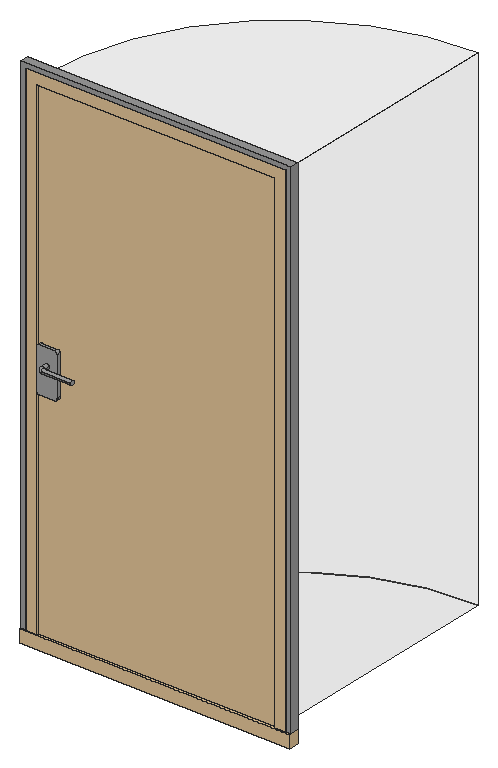
Revit family "AVLN_Дверь_Однопольная_деревянная", category Двери, Revit 2021
Family settings
  Основа = Стена
  Номер OmniClass = 23.30.10.00
  Заголовок OmniClass = Doors
  Всегда вертикально = Да
  При загрузке вырезать с полостями = Нет
  Общий = Нет
  Точка принадлежности помещению = Нет
Parameters (values of type "1100х2070(h)_П_ПУИ")
  Ширина полотна [instance] = Width - Монтажный зазор * 2 - Коробка толщина * 2  # 990 mm
  Тонкая линия проема = yes
  Толщина = 30 mm  # constant formula
  Тип конструкций = "Дверь деревянная"
  Стекло.Толщина = 15 mm
  Стекло.Отступ.Снизу = 1200 mm
  Стекло.Отступ.Слева/Справа = 100 mm
  Стекло.Отступ.Сверху = 100 mm
  Стекло = not([Глухая/Остекленная])  # no
  С1 [instance] = if(Смещение проема = 0 mm, 10 mm, 0 mm)  # 0 mm
  Порог_наружный_смещение [instance] = 17.5 mm
  Порог_внутренний_смещение [instance] = 42.5 mm
  Порог_внутренний [instance] = yes
  Порог [instance] = yes
  Определить тепловые свойства по = Тип схем
  Описание = "Дверь деревянная глухая межкомнатаная"
  Смещение проема [instance] = 50 mm
  Смещение внутрь = 0 mm
  Ручка смещение = 60 mm  # constant formula
  Ручка высота = 1000 mm  # constant formula
  Рабочая зона = no
  Rough Width = Width - Монтажный зазор * 2  # 1060 mm
  Rough Height = Height - Монтажный зазор  # 2050 mm
  Правая = no
  Окрывание 30° = yes
  Монтажный зазор = 20 mm  # constant formula
  Матиал_Коробка = ADSK_Древесина_Береза мореная
  Материал_Рабочая зона = none
  Материал_Полотно = ADSK_Древесина_Береза мореная
  Материал_Монтажный зазор = Монтажный зазор
  Материал_Стекло = Остекление
  Материал_Дверной ручки = По умолчанию
  Левая = not(Правая)  # yes
  Коробка.Доп.Ширина = 10 mm  # constant formula
  Коробка толщина = 35 mm  # constant formula
  Комментарии к типоразмеру = "Двери внутренние"
  Заполнение под проемом_Видимость [instance] = if(Смещение проема = 0 mm, 1 = 0, 1 = 1)  # yes
  Функция = Внутренние слои
  Model = ""
  Глухая = [Глухая/Остекленная]  # yes
  Глухая/Остекленная = yes
  Height = 2070 mm
  Замыкание стены = По основе
  Width = 1100 mm
  Аналитическая конструкция = "<Нет>"
  АВЛН_Проем_Ширина [instance] = Width  # 1100 mm
  АВЛН_Проем_Высота [instance] = Height + Смещение проема  # 2120 mm
  ADSK_Примечание [instance] = ""
  ADSK_Позиция [instance] = ""
  ADSK_Обозначение = "ГОСТ 475-2016"
  ADSK_Наименование = "ГОСТ 475-2016"
  ADSK_Масса = 0
  ADSK_Марка [instance] = ""
  ADSK_Количество [instance] = 0
  ADSK_Единица измерения [instance] = ""
  1 = Монтажный зазор * 2 + 70 mm  # 110 mm
Types (3, lengths in mm): name | Правая | Левая | Комментарии к типоразмеру | Model | ADSK_Обозначение
  1100х2070(h)_П_ПУИ | no | yes | "Двери внутренние" | "" | "ГОСТ 475-2016"
  1100х2070(h)_П | yes | no | "Дверь с/у БКТ" | "Дверь" | "ДМ 1 Рл Г ПрБ Мд1"
  1100х2070(h)_Л | no | yes | "Дверь с/у БКТ" | "Дверь" | "ДМ 1 Рл Г ПрБ Мд1"
Reference planes
  plane 1: y = 0
  plane 2 "По центру (Влево/Вправо)": x = 0
  plane 3 "Слева": x = -550
  plane 4 "Справа": x = 550
  plane 5: z = 2070
  plane 6 "Наружный": y = 150
  plane 7 "Внутренние": y = -150
  plane 8: z = -50
  plane 9: x = -530
  plane 10: x = 530
  plane 11: x = 495
  plane 12: x = -495
  plane 13: z = 2050
  plane 14: z = 2015
  plane 15 "Полотно_Н": y = 150
  plane 16 "Полотно_В": y = 120
  plane 17: z = -100
  plane 18: x = -435
  plane 19: x = 435
  plane 20: z = 1000
  plane 21: z = 1035
  plane 22 "Короб_В": y = 115
  plane 23: x = -485
  plane 24: x = 485
  plane 25: z = 2005
  plane 26: y = 1250
  plane 27: x = 395
  plane 28: z = 1915
  plane 29: x = -395
  plane 30: z = 1200
  plane 31: y = 135
  plane 32: y = 142.5
  plane 33: y = 127.5
  plane 34: y = 167.5
  plane 35: y = -192.5
  plane 36: z = -50
  plane 37: y = 1140
Forms (mm)
  Extrusion 1, solid, material "ADSK_Древесина_Береза мореная" <- "Материал_Полотно", visible <- "Стекло", detail levels fine
    sketch origin (0, 150, 0) x (1, 0, 0) y (0, 0, 1)
      loop
        line (495, 2015) -> (-495, 2015) -> (-495, 0) -> (495, 0) -> (495, 2015)
      loop
        line (395, 1915) -> (-395, 1915) -> (-395, 1200) -> (395, 1200) -> (395, 1915)
    from 0 to 30
  Extrusion 2, solid, material "ADSK_Древесина_Береза мореная" <- "Матиал_Коробка", visible <- "Заполнение под проемом_Видимость", detail levels fine
    sketch origin (0, 150, 0) x (1, 0, 0) y (0, 0, 1)
      loop
        line (550, 0) -> (-550, 0) -> (-550, -50) -> (550, -50) -> (550, 0)
    from 0 to 40
  Extrusion 3, solid, material "Монтажный зазор" <- "Материал_Монтажный зазор"
    sketch origin (0, -150, 0) x (1, 0, 0) y (0, 0, 1)
      loop
        line (-550, 0) -> (-530, 0) -> (-530, 2050) -> (530, 2050) -> (530, 0) -> (550, 0) -> (550, 2070) -> (-550, 2070) -> (-550, 0)
    from -300 to -265
  Sweep 4, solid, material "ADSK_Древесина_Береза мореная" <- "Матиал_Коробка"
    path origin (0, 150, 0) x (-1, 0, 0) y (0, 0, 1)
      loop
        line (495, 0) -> (495, 2015) -> (-495, 2015) -> (-495, 0)
    profile origin (-495, 150, 1007.5) x (0, 1, 0) y (-1, 0, 0)
      loop
        line (0, 35) -> (-35, 35) -> (-35, -10) -> (-30, -10) -> (-30, 0) -> (0, 0) -> (0, 35)
  Extrusion 5, void
    sketch origin (0, 0, 0) x (1, 0, 0) y (0, 1, 0)
      loop
        line (-550, 1250) -> (-550, 150) -> (550, 150) -> (550, 1250) -> (-550, 1250)
    from 0 to 2070
  Extrusion 6, solid, material "Остекление" <- "Материал_Стекло", visible <- "Стекло", detail levels fine
    sketch origin (0, 150, 0) x (1, 0, 0) y (0, 0, 1)
      loop
        line (395, 1915) -> (-395, 1915) -> (-395, 1200) -> (395, 1200) -> (395, 1915)
    from 7.5 to 22.5
  Extrusion 7, solid, material "ADSK_Древесина_Береза мореная" <- "Материал_Полотно", visible <- "Глухая"
    sketch origin (0, 150, 0) x (1, 0, 0) y (0, 0, 1)
      loop
        line (495, 2015) -> (-495, 2015) -> (-495, 0) -> (495, 0) -> (495, 2015)
    from 0 to 30
  Extrusion 8, solid, material "Зоны открывания", visible <- "Правая"
    sketch origin (1411.722, 564.195, 0) x (1, 0, 0) y (0, 1, 0)
      loop
        line (-1906.722, -414.195) -> (-916.722, -414.195)
        arc (-916.722, -414.195) -> (-1206.686, 285.841) -> (-1906.722, 575.805) r 990
        line (-1906.722, 575.805) -> (-1906.722, -414.195)
    from 0 to 2015
  Extrusion 9, solid, material "Зоны открывания", visible <- "Левая"
    sketch origin (-1411.722, 564.195, 0) x (-1, 0, 0) y (0, -1, 0)
      loop
        line (-1906.722, 414.195) -> (-1906.722, -575.805)
        arc (-1906.722, -575.805) -> (-1206.686, -285.841) -> (-916.722, 414.195) r 990
        line (-916.722, 414.195) -> (-1906.722, 414.195)
    from 0 to 2015
Lines and regions (mm)
  Opening 1
    outline origin (-3050, -150, 0) x (1, 0, 0) y (0, 0, 1)
      loop
        line (2500, -50) -> (3600, -50) -> (3600, 2070) -> (2500, 2070) -> (2500, -50)
  Masking region 1, visible <- "Тонкая линия проема"
    outline origin (95, 0, 0) x (1, 0, 0) y (0, 1, 0)
      loop
        line (-623.555, 160) -> (-645, 150) -> (-645, -150) -> (-645, -175) -> (455, -175) -> (455, -150) -> (455, 150) -> (440.719, 160) -> (-623.555, 160)
  model lines, style "Открывание_Внутрь", visible <- "Левая"
    curve 1: line (485, 120, 2005) -> (-485, 120, 1035)
    curve 2: line (-485, 120, 1035) -> (485, 120, 0)
  model lines, style "Открывание_Внутрь", visible <- "Правая"
    curve 3: line (-485, 120, 0) -> (485, 120, 1035)
    curve 4: line (485, 120, 1035) -> (-485, 120, 2005)
  model lines, style "Открывание_Наружу", visible <- "Правая"
    curve 5: line (-495, 150, 0) -> (485, 150, 1035)
    curve 6: line (485, 150, 1035) -> (-495, 150, 2015)
  model lines, style "Открывание_Наружу", visible <- "Левая"
    curve 7: line (495, 150, 2015) -> (-485, 150, 1035)
    curve 8: line (-485, 150, 1035) -> (495, 150, 0)
  model lines, style "Рабочая зона", visible <- "Рабочая зона"
    curve 9: line (-550, 150, 0) -> (-550, 1250, 0)
    curve 10: line (-550, 1250, 0) -> (550, 1250, 0)
    curve 11: line (550, 150, 0) -> (550, 1250, 0)
  symbolic lines, style "Порог", visible <- "Порог"
    curve 12: line (-550, 167.5, 0) -> (550, 167.5, 0)
  symbolic lines, style "Порог", visible <- "Порог_внутренний"
    curve 13: line (-550, -192.5, 0) -> (550, -192.5, 0)
Text (mm)
  text "Наружный" at (-2295.016, 1099.543, 0), in view "Опорный уровень"
  text "Наружный" at (0, 1615.38, 3698.081), in view "Слева"
  text "Наружный" at (0, 1036.032, 3874.932), in view "Справа"
Dimensions and locks
  equal spacing: plane 3 "Слева", plane 2 "По центру (Влево/Вправо)", plane 4 "Справа"
  "Width": plane 3 "Слева" to plane 4 "Справа"
  host wall to plane 5 = 2534.966 mm  (x2)
  locked: plane 6 "Наружный" to host wall
  locked: plane 7 "Внутренние" to host wall
  plane 8 to level = 50 mm
  "Height": level to plane 5
  "Монтажный зазор": plane 3 "Слева" to plane 9
  "Монтажный зазор": plane 10 to plane 4 "Справа"
  "Смещение внутрь": plane 15 "Полотно_Н" to plane 6 "Наружный"
  "Толщина": plane 15 "Полотно_Н" to plane 16 "Полотно_В"
  level to plane 17 = 100 mm
  "Монтажный зазор": plane 13 to plane 5
  "Коробка толщина": plane 14 to plane 13
  "Коробка толщина": plane 12 to plane 9
  "Коробка толщина": plane 11 to plane 10
  "Смещение проема": level to plane 8
  "Ручка высота": level to plane 20
  "Ручка смещение": plane 12 to plane 18
  "Ручка смещение": plane 19 to plane 11
  equal spacing: level, plane 21, plane 5
  equal spacing: plane 7 "Внутренние", plane 1, plane 6 "Наружный"
  "Коробка толщина": plane 15 "Полотно_Н" to plane 22 "Короб_В"
  "Коробка.Доп.Ширина": plane 12 to plane 23
  "Коробка.Доп.Ширина": plane 24 to plane 11
  "Коробка.Доп.Ширина": plane 14 to plane 25
  "Width": plane 26 to plane 15 "Полотно_Н"
  "Стекло.Отступ.Слева/Справа": plane 27 to plane 11
  "Стекло.Отступ.Слева/Справа": plane 12 to plane 29
  "Стекло.Отступ.Сверху": plane 28 to plane 14
  "Стекло.Отступ.Снизу": level to plane 30
  equal spacing: plane 15 "Полотно_Н", plane 31, plane 16 "Полотно_В"
  equal spacing: plane 33, plane 31, plane 32
  "Стекло.Толщина": plane 33 to plane 32
  "Порог_внутренний_смещение": plane 35 to plane 7 "Внутренние"
  "Порог_наружный_смещение": plane 34 to plane 15 "Полотно_Н"
  "С1": plane 8 to plane 36
  "1": plane 26 to plane 37
  aligned and locked: plane 3 "Слева" to Opening 1 sketch curve
  aligned and locked: Opening 1 sketch curve to plane 4 "Справа"
  aligned and locked: plane 1 to host wall
  aligned and locked: plane 8 to Opening 1 sketch curve
  aligned and locked: Extrusion 1 to plane 16 "Полотно_В"
  aligned and locked: plane 15 "Полотно_Н" to Extrusion 1
  aligned and locked: level to Extrusion 2 sketch curve
  aligned and locked: Extrusion 2 sketch curve to plane 4 "Справа"
  aligned and locked: Extrusion 2 sketch curve to host wall
  aligned and locked: nested 1 to plane 16 "Полотно_В"
  aligned and locked: nested 2 to plane 15 "Полотно_Н"
  aligned and locked: plane 15 "Полотно_Н" to nested 4
  aligned and locked: plane 16 "Полотно_В" to nested 3
  aligned and locked: plane 5 to Opening 1 sketch curve
  aligned and locked: plane 14 to Extrusion 1 sketch curve
  aligned and locked: Extrusion 3 sketch curve to plane 4 "Справа"
  aligned and locked: Extrusion 3 sketch curve to plane 10
  aligned and locked: Extrusion 3 sketch curve to plane 5
  aligned and locked: Extrusion 3 sketch curve to plane 13
  aligned and locked: plane 3 "Слева" to Extrusion 3 sketch curve
  aligned and locked: plane 9 to Extrusion 3 sketch curve
  aligned and locked: Extrusion 3 sketch curve to level  (x2)
  aligned and locked: nested 2 to plane 20
  aligned and locked: plane 20 to nested 4
  aligned and locked: plane 20 to nested 1
  aligned and locked: nested 3 to plane 20
  aligned and locked: plane 19 to nested 4
  aligned and locked: plane 18 to nested 2
  aligned and locked: nested 3 to plane 19
  aligned and locked: nested 1 to plane 18
  aligned and locked: nested 5 to plane 4 "Справа"
  aligned and locked: nested 5 to plane 3 "Слева"
  aligned and locked: nested 5 to plane 15 "Полотно_Н"
  aligned and locked: nested 6 to plane 3 "Слева"
  aligned and locked: nested 6 to plane 4 "Справа"
  aligned and locked: plane 15 "Полотно_Н" to nested 6
  aligned and locked: Extrusion 3 to plane 22 "Короб_В"
  aligned and locked: plane 15 "Полотно_Н" to Extrusion 3
  aligned and locked: plane 11 to Sweep 4 sketch curve
  aligned and locked: plane 14 to Sweep 4 sketch curve
  aligned and locked: plane 12 to Sweep 4 sketch curve  (x2)
  aligned and locked: plane 15 "Полотно_Н" to Sweep 4 sketch curve
  aligned and locked: plane 9 to Sweep 4 sketch curve
  aligned and locked: plane 23 to Sweep 4 sketch curve
  aligned and locked: plane 22 "Короб_В" to Sweep 4 sketch curve
  aligned and locked: plane 16 "Полотно_В" to Sweep 4 sketch curve
  aligned and locked: level to Sweep 4 sketch curve  (x2)
  aligned and locked: plane 23 to curve 4
  aligned and locked: plane 25 to curve 4
  aligned and locked: plane 25 to curve 1
  aligned and locked: plane 24 to curve 1
  aligned and locked: plane 23 to curve 1
  aligned and locked: plane 21 to curve 2
  aligned and locked: plane 24 to curve 4
  aligned and locked: plane 21 to curve 3
  aligned and locked: Sweep 4 to curve 3
  aligned and locked: level to curve 3
  aligned and locked: Sweep 4 to curve 2
  aligned and locked: level to curve 2
  aligned and locked: curve 9 to plane 3 "Слева"
  aligned and locked: curve 10 to plane 26
  aligned and locked: curve 11 to plane 4 "Справа"
  aligned and locked: plane 15 "Полотно_Н" to curve 9
  aligned and locked: plane 15 "Полотно_Н" to curve 11
  aligned and locked: Extrusion 5 sketch curve to plane 26
  aligned and locked: Extrusion 5 sketch curve to plane 3 "Слева"
  aligned and locked: Extrusion 5 sketch curve to plane 15 "Полотно_Н"
  aligned and locked: Extrusion 5 sketch curve to plane 4 "Справа"
  aligned and locked: Extrusion 5 to plane 5
  aligned and locked: plane 28 to Extrusion 1 sketch curve
  aligned and locked: Extrusion 1 sketch curve to plane 27
  aligned and locked: Extrusion 1 sketch curve to plane 30
  aligned and locked: Extrusion 1 sketch curve to plane 29
  aligned and locked: plane 27 to Extrusion 6 sketch curve
  aligned and locked: plane 28 to Extrusion 6 sketch curve
  aligned and locked: Extrusion 6 sketch curve to plane 29
  aligned and locked: plane 30 to Extrusion 6 sketch curve
  aligned and locked: plane 33 to Extrusion 6
  aligned and locked: plane 32 to Extrusion 6
  aligned and locked: plane 11 to Extrusion 7 sketch curve
  aligned and locked: plane 14 to Extrusion 7 sketch curve
  aligned and locked: plane 12 to Extrusion 7 sketch curve
  aligned and locked: level to Extrusion 7 sketch curve
  aligned and locked: plane 15 "Полотно_Н" to Extrusion 7
  aligned and locked: Extrusion 7 to plane 16 "Полотно_В"
  aligned and locked: curve 6 to curve 4
  aligned and locked: curve 8 to curve 2
  aligned and locked: host wall to Masking region 1 sketch curve  (x4)
  aligned and locked: plane 4 "Справа" to Masking region 1 sketch curve
  aligned and locked: plane 4 "Справа" to curve 13
  aligned and locked: plane 4 "Справа" to curve 12
  aligned and locked: plane 3 "Слева" to curve 12
  aligned and locked: plane 3 "Слева" to curve 13
  aligned and locked: curve 13 to plane 35
  aligned and locked: curve 12 to plane 34
  aligned and locked: Extrusion 2 to plane 36
  aligned and locked: Extrusion 8 sketch curve to plane 12
  aligned and locked: Extrusion 8 sketch curve to Extrusion 2
  aligned and locked: plane 37 to Extrusion 8 sketch curve
  aligned and locked: plane 11 to Extrusion 8 sketch curve
  aligned and locked: plane 14 to Extrusion 8
  aligned and locked: Extrusion 8 to level
  aligned and locked: Extrusion 9 sketch curve to plane 11
  aligned and locked: plane 15 "Полотно_Н" to Extrusion 9 sketch curve
  aligned and locked: plane 12 to Extrusion 9 sketch curve
  aligned and locked: plane 37 to Extrusion 9 sketch curve
  aligned and locked: Extrusion 9 to Extrusion 8
  aligned and locked: Extrusion 9 to level
Automatic sketch dimensions
  plane 12 to Extrusion 1 sketch curve = 0 mm
  plane 11 to Extrusion 1 sketch curve = 0 mm
  Extrusion 1 sketch curve to level = 0 mm
  Extrusion 2 sketch curve to plane 8 = 0 mm
  plane 11 to curve 7 = 0 mm
  curve 8 to level = 0 mm
  plane 11 to curve 8 = 0 mm
  curve 6 to plane 21 = 0 mm
  curve 7 to plane 21 = 0 mm
  plane 12 to curve 6 = 0 mm
  curve 5 to level = 0 mm
  plane 12 to curve 5 = 0 mm
  curve 7 to plane 14 = 0 mm
  curve 6 to plane 14 = 0 mm
  Masking region 1 sketch curve to plane 3 "Слева" = 0 mm
  plane 9 to Masking region 1 sketch curve = 1.445 mm
  plane 10 to Masking region 1 sketch curve = 5.719 mm
  plane 35 to Masking region 1 sketch curve = 17.5 mm
  Masking region 1 sketch curve to plane 34 = 7.5 mm
Nested families
  nested 1: "Дв_Дверная ручка" at (-435, 120, -40), visible <- "Левая", type "Дв_Дверная ручка", detail levels fine
    with Высота расположения дверной ручки 1040 mm
  nested 2: "Дв_Дверная ручка" at (-435, 150, -40), visible <- "Левая", type "Дв_Дверная ручка", detail levels fine
    with Высота расположения дверной ручки 1040 mm
  nested 3: "Дв_Дверная ручка" at (435, 120, -40) x (-1, 0, 0) z (0, 0, 1), visible <- "Правая", type "Дв_Дверная ручка", detail levels fine
    with Высота расположения дверной ручки 1040 mm
  nested 4: "Дв_Дверная ручка" at (435, 150, -40) x (-1, 0, 0) z (0, 0, 1), visible <- "Правая", type "Дв_Дверная ручка", detail levels fine
    with Высота расположения дверной ручки 1040 mm
  nested 5: "АС-Однопольная-Обозначение на плане" at (0, 150, -50), Width <- "Width", Толщина <- "Толщина", Коробка.Толщина <- "Коробка толщина", Height <- "АВЛН_Проем_Высота", Полотно.Ширина <- "Ширина полотна", Rough Width <- "Rough Width", visible <- "Левая", Коробка.Ширина <- "Коробка.Доп.Ширина", type "АС-Стандарт"
    with Width 1100 mm, Толщина 30 mm, Rough Width 1060 mm, Полотно.Ширина 990 mm, Коробка.Ширина 10 mm, Коробка.Толщина 35 mm, Height 2120 mm
  nested 6: "АС-Однопольная-Обозначение на плане" at (0, 150, -50) x (-1, 0, 0) z (0, 0, 1), Width <- "Width", Толщина <- "Толщина", Коробка.Толщина <- "Коробка толщина", Height <- "АВЛН_Проем_Высота", Полотно.Ширина <- "Ширина полотна", Rough Width <- "Rough Width", visible <- "Правая", Коробка.Ширина <- "Коробка.Доп.Ширина", type "АС-Стандарт"
    with Width 1100 mm, Толщина 30 mm, Rough Width 1060 mm, Полотно.Ширина 990 mm, Коробка.Ширина 10 mm, Коробка.Толщина 35 mm, Height 2120 mm
Definition of nested family "Дв_Дверная ручка"
  Parameters (values of type "Дв_Дверная ручка")
    Материал дверной ручки = none
    Высота расположения дверной ручки [instance] = 1040 mm
    Analytic Construction = "<Нет>"
  Reference planes
    plane 1 "По центру (Вперед/Назад)": y = 0
    plane 2: z = 0
    plane 3 "По центру (Влево/Вправо)": x = 0
    plane 4: z = 1040
    plane 5: x = -41.434
    plane 6: x = 41.434
    plane 7: z = 1106.663
    plane 8: z = 926.663
    plane 9: y = -15
  Forms (mm)
    Extrusion 1, solid, material <- "Материал дверной ручки"
      sketch origin (0, 0, 0) x (1, 0, 0) y (0, 0, 1)
        loop
          arc (-31.434, 1106.663) -> (-38.505, 1103.734) -> (-41.434, 1096.663) r 10
          line (-41.434, 1096.663) -> (-41.434, 936.663)
          arc (-41.434, 936.663) -> (-38.505, 929.591) -> (-31.434, 926.663) r 10
          line (-31.434, 926.663) -> (31.434, 926.663)
          arc (31.434, 926.663) -> (38.505, 929.591) -> (41.434, 936.663) r 10
          line (41.434, 936.663) -> (41.434, 1096.663)
          arc (41.434, 1096.663) -> (38.505, 1103.734) -> (31.434, 1106.663) r 10
          line (31.434, 1106.663) -> (-31.434, 1106.663)
      from 0 to 15
    Sweep 2, solid, material <- "Материал дверной ручки"
      path origin (0, 0, 0) x (1, 0, 0) y (0, 1, 0)
        loop
          line (0, -15) -> (0, -38.261)
          arc (0, -38.261) -> (2.929, -45.332) -> (10, -48.261) r 10
          line (10, -48.261) -> (130, -48.261)
      profile origin (0, -26.63, 0) x (1, 0, 0) y (0, 0, 1)
        loop
          circle (0, 1040) r 8
  Dimensions and locks
    "Высота расположения дверной ручки": plane 4 to level
    plane 7 to plane 8 = 180 mm
    plane 6 to plane 5 = 82.868 mm
    equal spacing: plane 6, plane 3 "По центру (Влево/Вправо)", plane 5
    locked: plane 1 "По центру (Вперед/Назад)" to plane 9 at 15
    aligned and locked: level to plane 2
    aligned and locked: Extrusion 1 sketch curve to plane 7
    aligned and locked: plane 5 to Extrusion 1 sketch curve
    aligned and locked: plane 8 to Extrusion 1 sketch curve
    aligned and locked: Extrusion 1 sketch curve to plane 6
    aligned and locked: Extrusion 1 to plane 1 "По центру (Вперед/Назад)"
    aligned and locked: plane 4 to Sweep 2
  Automatic sketch dimensions
    plane 5 to Extrusion 1 sketch curve = 10 mm
    Extrusion 1 sketch curve to Extrusion 1 sketch curve = 10 mm  (x2)
    Extrusion 1 sketch curve to plane 6 = 10 mm
    Sweep 2 sketch curve to plane 3 "По центру (Влево/Вправо)" = 0 mm
    plane 9 to Sweep 2 sketch curve = 0 mm
    Sweep 2 sketch curve to Sweep 2 sketch curve = 10 mm
    Sweep 2 sketch curve to Sweep 2 sketch curve = 23.261 mm
    Sweep 2 sketch curve to Sweep 2 sketch curve = 120 mm
    profile plane to Sweep 2 sketch curve = 0 mm
    level to Sweep 2 sketch curve = 1040 mm
    radius of Sweep 2 sketch curve = 8 mm
Definition of nested family "АС-Однопольная-Обозначение на плане"
  Parameters (values of type "АС-Стандарт")
    Полотно.Ширина [instance] = 900 mm
    Открывание двери 90 = not(Открывание двери 30)  # no
    Открывание двери 30 = yes
    Линия открывания (дуга) = not(Открывание двери 30)  # no
    Коробка.Ширина [instance] = 40 mm
    Коробка.Толщина [instance] = 80 mm
    Width [instance] = 1000 mm
    Thickness [instance] = 40 mm
    Rough Width [instance] = 960 mm
    Height [instance] = 2100 mm
    Default Elevation = 0 mm
    Analytic Construction = "<Нет>"
  Reference planes
    plane 1 "Center (Front/Back)": y = 0
    plane 2: z = 0
    plane 3 "Center (Left/Right)": x = 0
    plane 4 "Полотно.Слева": x = -480
    plane 5 "Полотно справа": x = 480
    plane 6 "Проем.Слева": x = -500
    plane 7 "Проем.Справа": x = 500
    plane 8 "Полотно. Внутренняя сторона": y = -40
    plane 9 "Коробка. Внутренняя сторона": y = -80
    plane 10 "Коробка.Внутренняя сторона слева": x = -450
    plane 11 "Коробка. Внутренняя сторона справа": x = 450
    plane 12 "2": x = -410
    plane 13 "3": x = 410
  Lines and regions (mm)
    Masking region 1, detail levels fine
      outline origin (0, 0, 0) x (1, 0, 0) y (0, 1, 0)
        loop
          line (-500, -80) -> (-480, -80) -> (-480, 0) -> (-500, 0) -> (-500, -80)
    Masking region 2, detail levels fine
      outline origin (0, 0, 0) x (1, 0, 0) y (0, 1, 0)
        loop
          line (500, -80) -> (500, 0) -> (480, 0) -> (480, -80) -> (500, -80)
    Masking region 3, detail levels fine
      outline origin (0, 0, 0) x (1, 0, 0) y (0, 1, 0)
        loop
          line (-480, 0) -> (-480, -80) -> (-410, -80) -> (-410, -40) -> (-450, -40) -> (-450, 0) -> (-480, 0)
    Masking region 4, detail levels fine
      outline origin (0, 0, 0) x (1, 0, 0) y (0, 1, 0)
        loop
          line (480, 0) -> (450, 0) -> (450, -40) -> (410, -40) -> (410, -80) -> (480, -80) -> (480, 0)
    Masking region 5, visible <- "Открывание двери 90", detail levels fine
      outline origin (0, 0, 0) x (1, 0, 0) y (0, 1, 0)
        loop
          line (450, 0) -> (450, 900) -> (410, 900) -> (410, 0) -> (450, 0)
    Masking region 6, visible <- "Открывание двери 30", detail levels fine
      outline origin (0, 0, 0) x (1, 0, 0) y (0, 1, 0)
        loop
          line (450, 0) -> (-329.423, 450) -> (-349.423, 415.359) -> (430, -34.641) -> (450, 0)
    symbolic lines, visible <- "Открывание двери 30", detail levels coarse+medium
      curve 1: line (500, 0, 0) -> (-366.025, 500, 0)
    symbolic lines, visible <- "Открывание двери 90", detail levels coarse+medium
      curve 2: line (500, 0, 0) -> (500, 1000, 0)
    symbolic lines, visible <- "Линия открывания (дуга)", detail levels coarse+medium
      curve 3: arc (500, 1000, 0) -> (-207.107, 707.107, 0) -> (-500, 0, 0) r 1000
    symbolic lines, visible <- "Линия открывания (дуга)", detail levels fine
      curve 4: arc (-450, 0, 0) -> (-186.396, 636.396, 0) -> (450, 900, 0) r 900
    model lines, not visible
      curve 5: line (0, 0, 0) -> (0, 0, 2100)
  Dimensions and locks
    "Thickness": plane 1 "Center (Front/Back)" to plane 8 "Полотно. Внутренняя сторона"  (x2)
    equal spacing: plane 4 "Полотно.Слева", plane 3 "Center (Left/Right)", plane 5 "Полотно справа"
    equal spacing: plane 6 "Проем.Слева", plane 3 "Center (Left/Right)", plane 7 "Проем.Справа"
    "Width": plane 6 "Проем.Слева" to plane 7 "Проем.Справа"
    "Rough Width": plane 4 "Полотно.Слева" to plane 5 "Полотно справа"
    plane 1 "Center (Front/Back)" to plane 9 "Коробка. Внутренняя сторона" = 80 mm
    "Коробка.Толщина": plane 9 "Коробка. Внутренняя сторона" to plane 1 "Center (Front/Back)"
    equal spacing: plane 10 "Коробка.Внутренняя сторона слева", plane 3 "Center (Left/Right)", plane 11 "Коробка. Внутренняя сторона справа"
    "Полотно.Ширина": plane 10 "Коробка.Внутренняя сторона слева" to plane 11 "Коробка. Внутренняя сторона справа"
    "Width": curve 1 to curve 1
    "Width": plane 1 "Center (Front/Back)" to curve 2
    "Коробка.Ширина": plane 10 "Коробка.Внутренняя сторона слева" to Masking region 3 sketch curve
    "Коробка.Ширина": Masking region 4 sketch curve to Masking region 4 sketch curve
    "Полотно.Ширина": plane 1 "Center (Front/Back)" to Masking region 5 sketch curve
    "Thickness": Masking region 5 sketch curve to plane 11 "Коробка. Внутренняя сторона справа"
    "Полотно.Ширина": Masking region 6 sketch curve to Masking region 6 sketch curve
    "Thickness": Masking region 6 sketch curve to Masking region 6 sketch curve
    "Height": curve 5 to level
    "Thickness": Masking region 5 to plane 11 "Коробка. Внутренняя сторона справа"
    "Thickness": Masking region 6 to Masking region 6
    "Коробка.Ширина": plane 10 "Коробка.Внутренняя сторона слева" to plane 12 "2"
    "Коробка.Ширина": plane 13 "3" to plane 11 "Коробка. Внутренняя сторона справа"
    "Width": radius of curve 3
    "Полотно.Ширина": radius of curve 4
    locked: curve 1 to plane 1 "Center (Front/Back)" (angle 30.00°)
    locked: Masking region 6 sketch curve to plane 1 "Center (Front/Back)" (angle 30.00°)
    aligned and locked: level to plane 2
    aligned and locked: plane 7 "Проем.Справа" to curve 2
    aligned and locked: plane 1 "Center (Front/Back)" to curve 2
    aligned and locked: Masking region 1 sketch curve to plane 9 "Коробка. Внутренняя сторона"
    aligned and locked: plane 6 "Проем.Слева" to Masking region 1 sketch curve
    aligned and locked: Masking region 1 sketch curve to plane 1 "Center (Front/Back)"
    aligned and locked: plane 4 "Полотно.Слева" to Masking region 1 sketch curve
    aligned and locked: plane 9 "Коробка. Внутренняя сторона" to Masking region 2 sketch curve
    aligned and locked: Masking region 2 sketch curve to plane 7 "Проем.Справа"
    aligned and locked: plane 1 "Center (Front/Back)" to Masking region 2 sketch curve
    aligned and locked: plane 5 "Полотно справа" to Masking region 2 sketch curve
    aligned and locked: Masking region 3 sketch curve to plane 4 "Полотно.Слева"
    aligned and locked: Masking region 3 sketch curve to plane 10 "Коробка.Внутренняя сторона слева"
    aligned and locked: Masking region 3 sketch curve to plane 1 "Center (Front/Back)"
    aligned and locked: Masking region 3 sketch curve to plane 9 "Коробка. Внутренняя сторона"
    aligned and locked: Masking region 3 sketch curve to plane 8 "Полотно. Внутренняя сторона"
    aligned and locked: Masking region 4 sketch curve to plane 5 "Полотно справа"
    aligned and locked: Masking region 4 sketch curve to plane 11 "Коробка. Внутренняя сторона справа"
    aligned and locked: Masking region 4 sketch curve to plane 9 "Коробка. Внутренняя сторона"
    aligned and locked: Masking region 4 sketch curve to plane 8 "Полотно. Внутренняя сторона"
    aligned and locked: Masking region 4 sketch curve to plane 1 "Center (Front/Back)"
    aligned and locked: curve 4 to Masking region 3
    aligned and locked: plane 11 "Коробка. Внутренняя сторона справа" to curve 4
    aligned and locked: Masking region 4 to Masking region 5 sketch curve
    aligned and locked: Masking region 5 sketch curve to Masking region 4
    aligned and locked: plane 11 "Коробка. Внутренняя сторона справа" to Masking region 6 sketch curve
    aligned and locked: plane 2 to curve 5
    aligned and locked: plane 3 "Center (Left/Right)" to curve 5
    aligned and locked: plane 11 "Коробка. Внутренняя сторона справа" to Masking region 5
    aligned and locked: plane 1 "Center (Front/Back)" to Masking region 5
  Automatic sketch dimensions
    plane 1 "Center (Front/Back)" to Masking region 6 sketch curve = 0 mm
